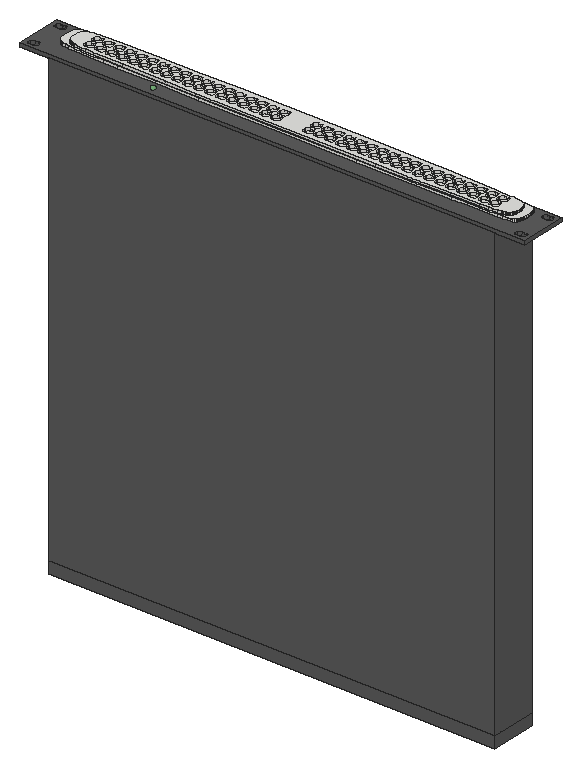
Revit family "Electronics_Messaging-Processors_Biamp_Vocia_MS-1e__", category Communication Devices, host Face, Revit 2020 (continued)
Forms (in)
  Extrusion 5, solid, material "Biamp - Metal - Black" <- "Housing Material"
    sketch origin (9.17118, -0.875, -17.38189) x (0, 1, 0) y (-1, 0, 0)
      loop
        line (0.86056, 1.36593) -> (0.86056, 1.85805) -> (0.65584, 1.85805) -> (0.65584, 1.36593) -> (0.86056, 1.36593)
      loop
        line (0.52593, 1.85805) -> (0.3212, 1.85805) -> (0.3212, 1.36593) -> (0.52593, 1.36593) -> (0.52593, 1.85805)
      loop
        line (0.52593, 2.11396) -> (0.52593, 2.60609) -> (0.3212, 2.60609) -> (0.3212, 2.11396) -> (0.52593, 2.11396)
      loop
        line (0.65584, 2.60609) -> (0.65584, 2.11396) -> (0.86056, 2.11396) -> (0.86056, 2.60609) -> (0.65584, 2.60609)
      loop
        arc (0.20388, 3.86064) -> (0.22136, 3.81116) -> (0.26605, 3.78366) r 0.07874
        line (0.26605, 3.78366) -> (0.47471, 3.73877)
        arc (0.47471, 3.73877) -> (0.54074, 3.75449) -> (0.57001, 3.81574) r 0.07873
        line (0.57001, 3.81574) -> (0.57001, 4.32949)
        arc (0.57001, 4.32949) -> (0.54074, 4.39074) -> (0.47471, 4.40647) r 0.07873
        line (0.47471, 4.40647) -> (0.26605, 4.36157)
        arc (0.26605, 4.36157) -> (0.21992, 4.33229) -> (0.20388, 4.28005) r 0.07889
        line (0.20388, 4.28005) -> (0.20388, 3.86064)
    from 0.41339 to 0
  Revolve 6, solid, material "Biamp - Plastic - Green", detail levels fine
    sketch origin (4.50885, -0.875, 0.11811) x (1, 0, 0) y (0, 1, 0)
      loop
        line (-0.0101, 0.3288) -> (-0.16758, 0.3288)
        arc (-0.16758, 0.3288) -> (-0.08884, 0.25006) -> (-0.0101, 0.3288) r 0.07874
      axis (-0.16758, 0.3288) -> (-0.0101, 0.3288)
    angle from 180 to 360
Lines and regions (in)
  Masking region 1
    outline origin (0, 0, 0) x (1, 0, 0) y (0, 0, 1)
      loop
        line (0.76784, -17.38189) -> (17.55918, -17.38189) -> (17.55918, 0) -> (18.67118, 0) -> (18.67118, 0.11811) -> (17.86415, 0.11811) -> (17.86415, 0.19685) -> (17.54739, 0.19685) -> (17.54739, 0.27559) -> (0.79497, 0.27559) -> (0.79497, 0.19685) -> (0.47508, 0.19685) -> (0.47508, 0.11811) -> (-0.32882, 0.11811) -> (-0.32882, 0) -> (0.76784, 0) -> (0.76784, -17.38189)
  symbolic lines
    curve 1: line (-0.32882, 0, 0) -> (18.67118, 0, 0)
    curve 2: line (18.67118, 0, 0.11811) -> (-0.32882, 0, 0.11811)
    curve 3: line (17.86415, 0, 0.19685) -> (0.47508, 0, 0.19685)
    curve 4: line (17.55918, 0, -16.9685) -> (0.76784, 0, -16.9685)
Dimensions and locks (in)
  aligned and locked: plane 2 to host face
  aligned and locked: level to host face
  aligned and locked: Extrusion 2 to Extrusion 1
Automatic sketch dimensions
  host sketch curve to host sketch curve = 96.00"  (x2)
  level to Extrusion 1 sketch curve = 0.00"
  Extrusion 1 sketch curve to level = 16.9685"
  Extrusion 2 sketch curve to Extrusion 2 sketch curve = 0.12953"  (x10)
  Extrusion 2 sketch curve to Extrusion 2 sketch curve = 0.00"  (x8)
  Extrusion 2 sketch curve to Extrusion 2 sketch curve = 0.13874"  (x4)
  plane 1 "Center (Front/Back)" to Extrusion 2 sketch curve = 0.875"
  Extrusion 2 sketch curve to Extrusion 2 sketch curve = 0.11877"  (x2)
  Extrusion 2 sketch curve to Extrusion 2 sketch curve = 0.0984"  (x4)
  Extrusion 2 sketch curve to Extrusion 2 sketch curve = 0.10364"  (x4)
  Extrusion 2 sketch curve to Extrusion 2 sketch curve = 0.00634"  (x4)
  Extrusion 2 sketch curve to Extrusion 2 sketch curve = 0.00296"  (x4)
  Extrusion 2 sketch curve to Extrusion 2 sketch curve = 0.0553"  (x4)
  Extrusion 2 sketch curve to Extrusion 2 sketch curve = 0.98698"  (x2)
  Extrusion 2 sketch curve to Extrusion 2 sketch curve = 0.22273"
  Extrusion 3 sketch curve to Extrusion 3 sketch curve = 0.00144"  (x2)
  Extrusion 3 sketch curve to Extrusion 3 sketch curve = 0.00724"  (x4)
  Extrusion 3 sketch curve to Extrusion 3 sketch curve = 0.00871"  (x2)
  Extrusion 3 sketch curve to Extrusion 3 sketch curve = 0.0116"  (x2)
  Extrusion 3 sketch curve to Extrusion 3 sketch curve = 0.01304"  (x2)
  Extrusion 3 sketch curve to Extrusion 3 sketch curve = 0.01738"  (x2)
  Extrusion 3 sketch curve to Extrusion 3 sketch curve = 0.02028"  (x2)
  Extrusion 3 sketch curve to Extrusion 3 sketch curve = 0.02462"  (x2)
  Extrusion 3 sketch curve to Extrusion 3 sketch curve = 0.02755"  (x2)
  Extrusion 3 sketch curve to Extrusion 3 sketch curve = 0.1507"  (x2)
  Extrusion 3 sketch curve to Extrusion 3 sketch curve = 0.21154"  (x2)
  Extrusion 3 sketch curve to Extrusion 3 sketch curve = 0.18473"
  Extrusion 3 sketch curve to Extrusion 3 sketch curve = 0.28256"
  Extrusion 3 sketch curve to Extrusion 3 sketch curve = 0.36514"  (x2)
  Extrusion 3 sketch curve to Extrusion 3 sketch curve = 0.46078"  (x2)
  Extrusion 3 sketch curve to Extrusion 3 sketch curve = 0.56798"  (x2)
  Extrusion 3 sketch curve to Extrusion 3 sketch curve = 1.40186"
  Extrusion 3 sketch curve to Extrusion 3 sketch curve = 0.00"  (x4)
  Extrusion 3 sketch curve to Extrusion 3 sketch curve = 1.65221"
  Extrusion 3 sketch curve to Extrusion 3 sketch curve = 0.41111"
  plane 3 "Center (Left/Right)" to Extrusion 3 sketch curve = 9.17033"  (x2)
  plane 3 "Center (Left/Right)" to Extrusion 3 sketch curve = 11.89151"
  Extrusion 3 sketch curve to Extrusion 3 sketch curve = 2.06334"
  Extrusion 3 sketch curve to Extrusion 3 sketch curve = 1.49968"
  Extrusion 3 sketch curve to Extrusion 3 sketch curve = 0.56801"  (x2)
  Extrusion 3 sketch curve to Extrusion 3 sketch curve = 0.46075"  (x2)
  Extrusion 3 sketch curve to Extrusion 3 sketch curve = 0.36515"  (x2)
  Extrusion 3 sketch curve to Extrusion 3 sketch curve = 0.28258"  (x2)
  Extrusion 3 sketch curve to Extrusion 3 sketch curve = 0.21153"  (x2)
  Extrusion 3 sketch curve to Extrusion 3 sketch curve = 0.03621"  (x2)
  Extrusion 3 sketch curve to Extrusion 3 sketch curve = 0.09418"  (x2)
  Extrusion 3 sketch curve to Extrusion 3 sketch curve = 0.02753"  (x2)
  Extrusion 3 sketch curve to Extrusion 3 sketch curve = 0.02463"  (x2)
  Extrusion 3 sketch curve to Extrusion 3 sketch curve = 0.02029"  (x2)
  Extrusion 3 sketch curve to Extrusion 3 sketch curve = 0.01739"  (x2)
  Extrusion 3 sketch curve to Extrusion 3 sketch curve = 0.01305"  (x2)
  Extrusion 3 sketch curve to Extrusion 3 sketch curve = 0.01158"  (x2)
  Extrusion 3 sketch curve to Extrusion 3 sketch curve = 0.00868"  (x2)
  Extrusion 3 sketch curve to Extrusion 3 sketch curve = 0.00727"  (x2)
  Extrusion 3 sketch curve to Extrusion 3 sketch curve = 0.00719"  (x2)
  Extrusion 3 sketch curve to Extrusion 3 sketch curve = 0.00146"
  plane 1 "Center (Front/Back)" to Extrusion 3 sketch curve = 0.27464"
  Extrusion 3 sketch curve to Extrusion 3 sketch curve = 0.00578"  (x2)
  Extrusion 3 sketch curve to Extrusion 3 sketch curve = 0.00865"  (x4)
  Extrusion 3 sketch curve to Extrusion 3 sketch curve = 0.00575"  (x2)
  Extrusion 3 sketch curve to Extrusion 3 sketch curve = 0.00722"  (x4)
  Extrusion 3 sketch curve to Extrusion 3 sketch curve = 0.00864"  (x2)
  Extrusion 3 sketch curve to Extrusion 3 sketch curve = 0.01009"  (x4)
  Extrusion 3 sketch curve to Extrusion 3 sketch curve = 0.01154"  (x2)
  Extrusion 3 sketch curve to Extrusion 3 sketch curve = 0.01298"  (x4)
  Extrusion 3 sketch curve to Extrusion 3 sketch curve = 0.0072"  (x2)
  Extrusion 3 sketch curve to Extrusion 3 sketch curve = 0.04325"  (x2)
  Extrusion 3 sketch curve to Extrusion 3 sketch curve = 0.02596"
  Extrusion 3 sketch curve to Extrusion 3 sketch curve = 0.03026"  (x2)
  Extrusion 3 sketch curve to Extrusion 3 sketch curve = 0.0303"  (x2)
  Extrusion 3 sketch curve to Extrusion 3 sketch curve = 0.03459"  (x4)
  Extrusion 3 sketch curve to Extrusion 3 sketch curve = 0.0346"  (x2)
  Extrusion 3 sketch curve to Extrusion 3 sketch curve = 0.03749"  (x6)
  Extrusion 3 sketch curve to Extrusion 3 sketch curve = 0.03893"  (x4)
  Extrusion 3 sketch curve to Extrusion 3 sketch curve = 0.08219"  (x2)
  Extrusion 3 sketch curve to Extrusion 3 sketch curve = 0.08363"  (x2)
  Extrusion 3 sketch curve to Extrusion 3 sketch curve = 0.08218"  (x4)
  Extrusion 3 sketch curve to Extrusion 3 sketch curve = 0.04036"  (x2)
  Extrusion 3 sketch curve to Extrusion 3 sketch curve = 0.01796"
  Extrusion 3 sketch curve to Extrusion 3 sketch curve = 0.01807"
  Extrusion 3 sketch curve to Extrusion 3 sketch curve = 0.03461"  (x2)
  Extrusion 3 sketch curve to Extrusion 3 sketch curve = 0.03027"  (x4)
  Extrusion 3 sketch curve to Extrusion 3 sketch curve = 0.02595"  (x2)
  Extrusion 3 sketch curve to Extrusion 3 sketch curve = 0.01442"  (x2)
  Extrusion 3 sketch curve to Extrusion 3 sketch curve = 0.01152"  (x2)
  Extrusion 3 sketch curve to Extrusion 3 sketch curve = 0.01156"  (x2)
  Extrusion 3 sketch curve to Extrusion 3 sketch curve = 0.00576"  (x2)
  Extrusion 3 sketch curve to Extrusion 3 sketch curve = 1.12891"  (x2)
  Extrusion 3 sketch curve to Extrusion 3 sketch curve = 1.1419"
  plane 3 "Center (Left/Right)" to Extrusion 4 sketch curve = 9.17118"  (x2)
  plane 3 "Center (Left/Right)" to Extrusion 4 sketch curve = 8.73343"
  Extrusion 4 sketch curve to Extrusion 4 sketch curve = 0.00022"  (x2)
  Extrusion 4 sketch curve to Extrusion 4 sketch curve = 0.13386"  (x116)
  Extrusion 4 sketch curve to Extrusion 4 sketch curve = 0.00"  (x89)
  Extrusion 4 sketch curve to Extrusion 4 sketch curve = 0.09312"
  Extrusion 4 sketch curve to Extrusion 4 sketch curve = 0.09335"  (x2)
  Extrusion 4 sketch curve to Extrusion 4 sketch curve = 0.04533"
  Extrusion 4 sketch curve to Extrusion 4 sketch curve = 0.05533"  (x2)
  Extrusion 4 sketch curve to Extrusion 4 sketch curve = 0.00935"
  Extrusion 4 sketch curve to Extrusion 4 sketch curve = 0.00065"
  Extrusion 4 sketch curve to Extrusion 4 sketch curve = 0.09388"
  Extrusion 4 sketch curve to Extrusion 4 sketch curve = 0.09452"
  Extrusion 4 sketch curve to Extrusion 4 sketch curve = 0.05148"
  Extrusion 4 sketch curve to Extrusion 4 sketch curve = 0.05081"
  Extrusion 4 sketch curve to Extrusion 4 sketch curve = 0.00078"
  Extrusion 4 sketch curve to Extrusion 4 sketch curve = 0.09269"
  Extrusion 4 sketch curve to Extrusion 4 sketch curve = 0.09347"
  Extrusion 4 sketch curve to Extrusion 4 sketch curve = 0.01"
  Extrusion 4 sketch curve to Extrusion 4 sketch curve = 0.05421"
  Extrusion 4 sketch curve to Extrusion 4 sketch curve = 0.13326"  (x2)
  Extrusion 4 sketch curve to Extrusion 4 sketch curve = 0.00004"
  Extrusion 4 sketch curve to Extrusion 4 sketch curve = 0.00943"
  Extrusion 4 sketch curve to Extrusion 4 sketch curve = 0.09172"
  Extrusion 4 sketch curve to Extrusion 4 sketch curve = 0.09316"
  Extrusion 4 sketch curve to Extrusion 4 sketch curve = 0.09343"
  Extrusion 4 sketch curve to Extrusion 4 sketch curve = 0.01115"  (x2)
  Extrusion 4 sketch curve to Extrusion 4 sketch curve = 0.13578"
  Extrusion 4 sketch curve to Extrusion 4 sketch curve = 0.05177"  (x2)
  Extrusion 4 sketch curve to Extrusion 4 sketch curve = 0.1331"
  Extrusion 4 sketch curve to Extrusion 4 sketch curve = 0.00114"
  Extrusion 4 sketch curve to Extrusion 4 sketch curve = 0.01003"
  Extrusion 4 sketch curve to Extrusion 4 sketch curve = 0.09252"
  Extrusion 4 sketch curve to Extrusion 4 sketch curve = 0.0937"
  Extrusion 4 sketch curve to Extrusion 4 sketch curve = 0.00967"
  Extrusion 4 sketch curve to Extrusion 4 sketch curve = 0.09333"  (x34)
  Extrusion 4 sketch curve to Extrusion 4 sketch curve = 0.13431"
  Extrusion 4 sketch curve to Extrusion 4 sketch curve = 0.0511"
  Extrusion 4 sketch curve to Extrusion 4 sketch curve = 0.04803"
  Extrusion 4 sketch curve to Extrusion 4 sketch curve = 0.2779"
  Extrusion 4 sketch curve to Extrusion 4 sketch curve = 0.1339"  (x28)
  Extrusion 4 sketch curve to Extrusion 4 sketch curve = 0.00615"  (x15)
  Extrusion 4 sketch curve to Extrusion 4 sketch curve = 0.05205"  (x2)
  Extrusion 4 sketch curve to Extrusion 4 sketch curve = 0.05496"  (x2)
  Extrusion 4 sketch curve to Extrusion 4 sketch curve = 0.25508"
  Extrusion 4 sketch curve to Extrusion 4 sketch curve = 0.05172"  (x2)
  Extrusion 4 sketch curve to Extrusion 4 sketch curve = 0.04884"  (x2)
  Extrusion 4 sketch curve to Extrusion 4 sketch curve = 0.01294"
  Extrusion 4 sketch curve to Extrusion 4 sketch curve = 0.0515"  (x2)
  Extrusion 4 sketch curve to Extrusion 4 sketch curve = 0.19734"
  Extrusion 4 sketch curve to Extrusion 4 sketch curve = 0.04387"
  Extrusion 4 sketch curve to Extrusion 4 sketch curve = 0.05487"  (x3)
  Extrusion 4 sketch curve to Extrusion 4 sketch curve = 0.23995"  (x2)
  Extrusion 4 sketch curve to Extrusion 4 sketch curve = 0.05197"  (x2)
  Extrusion 4 sketch curve to Extrusion 4 sketch curve = 0.23583"
  Extrusion 4 sketch curve to Extrusion 4 sketch curve = 0.08929"
  Extrusion 4 sketch curve to Extrusion 4 sketch curve = 0.04872"
  Extrusion 4 sketch curve to Extrusion 4 sketch curve = 0.05179"
  Extrusion 4 sketch curve to Extrusion 4 sketch curve = 0.00923"  (x8)
  Extrusion 4 sketch curve to Extrusion 4 sketch curve = 0.14725"
  Extrusion 4 sketch curve to Extrusion 4 sketch curve = 0.05155"  (x2)
  Extrusion 4 sketch curve to Extrusion 4 sketch curve = 0.05527"  (x2)
  Extrusion 4 sketch curve to Extrusion 4 sketch curve = 0.05215"  (x2)
  Extrusion 4 sketch curve to Extrusion 4 sketch curve = 0.2366"
  Extrusion 4 sketch curve to Extrusion 4 sketch curve = 0.08331"
  Extrusion 4 sketch curve to Extrusion 4 sketch curve = 0.08862"
  Extrusion 4 sketch curve to Extrusion 4 sketch curve = 0.05515"
  Extrusion 4 sketch curve to Extrusion 4 sketch curve = 0.04593"
  Extrusion 4 sketch curve to Extrusion 4 sketch curve = 0.12594"
  Extrusion 4 sketch curve to Extrusion 4 sketch curve = 0.00795"
  Extrusion 4 sketch curve to Extrusion 4 sketch curve = 0.0195"
  Extrusion 4 sketch curve to Extrusion 4 sketch curve = 0.03703"
  Extrusion 4 sketch curve to Extrusion 4 sketch curve = 0.10163"
  Extrusion 4 sketch curve to Extrusion 4 sketch curve = 0.18991"  (x2)
  Extrusion 4 sketch curve to Extrusion 4 sketch curve = 0.13108"  (x2)
  Extrusion 4 sketch curve to Extrusion 4 sketch curve = 0.07294"  (x2)
  Extrusion 4 sketch curve to Extrusion 4 sketch curve = 0.11351"  (x2)
  Extrusion 4 sketch curve to Extrusion 4 sketch curve = 0.06319"  (x2)
  Extrusion 4 sketch curve to Extrusion 4 sketch curve = 0.04573"  (x2)
  Extrusion 4 sketch curve to Extrusion 4 sketch curve = 0.03598"  (x2)
  Extrusion 4 sketch curve to Extrusion 4 sketch curve = 0.04401"  (x2)
  Extrusion 4 sketch curve to Extrusion 4 sketch curve = 0.0597"  (x2)
  Extrusion 4 sketch curve to Extrusion 4 sketch curve = 0.03706"  (x2)
  Extrusion 4 sketch curve to Extrusion 4 sketch curve = 0.0375"  (x2)
  Extrusion 4 sketch curve to Extrusion 4 sketch curve = 0.0431"  (x2)
  Extrusion 4 sketch curve to Extrusion 4 sketch curve = 0.0359"  (x2)
  Extrusion 4 sketch curve to Extrusion 4 sketch curve = 0.03764"  (x2)
  Extrusion 4 sketch curve to Extrusion 4 sketch curve = 0.02844"  (x2)
  Extrusion 4 sketch curve to Extrusion 4 sketch curve = 0.03026"  (x2)
  Extrusion 4 sketch curve to Extrusion 4 sketch curve = 0.02409"  (x2)
  Extrusion 4 sketch curve to Extrusion 4 sketch curve = 0.02633"  (x2)
  Extrusion 4 sketch curve to Extrusion 4 sketch curve = 0.02155"  (x2)
  Extrusion 4 sketch curve to Extrusion 4 sketch curve = 0.02134"  (x2)
  Extrusion 4 sketch curve to Extrusion 4 sketch curve = 0.01688"  (x2)
  Extrusion 4 sketch curve to Extrusion 4 sketch curve = 0.01707"  (x2)
  Extrusion 4 sketch curve to Extrusion 4 sketch curve = 0.01442"  (x2)
  Extrusion 4 sketch curve to Extrusion 4 sketch curve = 0.01201"  (x2)
  Extrusion 4 sketch curve to Extrusion 4 sketch curve = 0.01477"  (x2)
  Extrusion 4 sketch curve to Extrusion 4 sketch curve = 0.00937"  (x2)
  Extrusion 4 sketch curve to Extrusion 4 sketch curve = 0.00689"  (x2)
  Extrusion 4 sketch curve to Extrusion 4 sketch curve = 0.00767"  (x2)
  plane 3 "Center (Left/Right)" to Extrusion 4 sketch curve = 9.59406"
  Extrusion 4 sketch curve to Extrusion 4 sketch curve = 0.0445"
  Extrusion 4 sketch curve to Extrusion 4 sketch curve = 0.05372"
  Extrusion 4 sketch curve to Extrusion 4 sketch curve = 0.09369"  (x11)
  Extrusion 4 sketch curve to Extrusion 4 sketch curve = 0.05169"  (x7)
  Extrusion 4 sketch curve to Extrusion 4 sketch curve = 0.09357"  (x9)
  Extrusion 4 sketch curve to Extrusion 4 sketch curve = 0.0928"  (x2)
  Extrusion 4 sketch curve to Extrusion 4 sketch curve = 0.0096"
  Extrusion 4 sketch curve to Extrusion 4 sketch curve = 0.05564"  (x5)
  Extrusion 4 sketch curve to Extrusion 4 sketch curve = 0.05641"  (x2)
  Extrusion 4 sketch curve to Extrusion 4 sketch curve = 0.0923"  (x6)
  Extrusion 4 sketch curve to Extrusion 4 sketch curve = 0.09268"  (x4)
  Extrusion 4 sketch curve to Extrusion 4 sketch curve = 0.00961"
  Extrusion 4 sketch curve to Extrusion 4 sketch curve = 0.05282"  (x4)
  Extrusion 4 sketch curve to Extrusion 4 sketch curve = 0.05167"  (x3)
  Extrusion 4 sketch curve to Extrusion 4 sketch curve = 0.00846"
  Extrusion 4 sketch curve to Extrusion 4 sketch curve = 0.0908"
  Extrusion 4 sketch curve to Extrusion 4 sketch curve = 0.09204"  (x5)
  Extrusion 4 sketch curve to Extrusion 4 sketch curve = 0.09319"  (x5)
  Extrusion 4 sketch curve to Extrusion 4 sketch curve = 0.00159"
  Extrusion 4 sketch curve to Extrusion 4 sketch curve = 0.1351"
  Extrusion 4 sketch curve to Extrusion 4 sketch curve = 0.13227"
  Extrusion 4 sketch curve to Extrusion 4 sketch curve = 0.05189"
  Extrusion 4 sketch curve to Extrusion 4 sketch curve = 0.04843"
  Extrusion 4 sketch curve to Extrusion 4 sketch curve = 0.11769"
  Extrusion 4 sketch curve to Extrusion 4 sketch curve = 0.26431"
  Extrusion 4 sketch curve to Extrusion 4 sketch curve = 0.00654"  (x3)
  Extrusion 4 sketch curve to Extrusion 4 sketch curve = 0.00538"  (x3)
  Extrusion 4 sketch curve to Extrusion 4 sketch curve = 0.04927"
  Extrusion 4 sketch curve to Extrusion 4 sketch curve = 0.04888"
  Extrusion 4 sketch curve to Extrusion 4 sketch curve = 0.03471"
  Extrusion 4 sketch curve to Extrusion 4 sketch curve = 0.20645"
  Extrusion 4 sketch curve to Extrusion 4 sketch curve = 0.06514"
  Extrusion 4 sketch curve to Extrusion 4 sketch curve = 0.25718"
  Extrusion 4 sketch curve to Extrusion 4 sketch curve = 0.11112"
  Extrusion 4 sketch curve to Extrusion 4 sketch curve = 0.04662"
  Extrusion 4 sketch curve to Extrusion 4 sketch curve = 0.04931"
  Extrusion 4 sketch curve to Extrusion 4 sketch curve = 0.1061"
  Extrusion 4 sketch curve to Extrusion 4 sketch curve = 0.14308"
  Extrusion 4 sketch curve to Extrusion 4 sketch curve = 0.05323"
  Extrusion 4 sketch curve to Extrusion 4 sketch curve = 0.01077"  (x2)
  Extrusion 4 sketch curve to Extrusion 4 sketch curve = 0.01153"
  Extrusion 4 sketch curve to Extrusion 4 sketch curve = 0.09434"
  Extrusion 4 sketch curve to Extrusion 4 sketch curve = 0.05243"
  Extrusion 4 sketch curve to Extrusion 4 sketch curve = 0.07699"
  Extrusion 4 sketch curve to Extrusion 4 sketch curve = 0.05687"
  Extrusion 4 sketch curve to Extrusion 4 sketch curve = 0.01269"
  Extrusion 4 sketch curve to Extrusion 4 sketch curve = 0.00111"
  Extrusion 4 sketch curve to Extrusion 4 sketch curve = 0.04502"
  Extrusion 4 sketch curve to Extrusion 4 sketch curve = 0.05771"
  Extrusion 4 sketch curve to Extrusion 4 sketch curve = 0.00803"
  Extrusion 4 sketch curve to Extrusion 4 sketch curve = 0.03549"
  Extrusion 4 sketch curve to Extrusion 4 sketch curve = 0.09358"
  Extrusion 4 sketch curve to Extrusion 4 sketch curve = 0.05316"
  Extrusion 4 sketch curve to Extrusion 4 sketch curve = 0.11738"
  plane 1 "Center (Front/Back)" to Extrusion 4 sketch curve = 0.22893"
  Extrusion 4 sketch curve to Extrusion 4 sketch curve = 0.0116"  (x2)
  Extrusion 4 sketch curve to Extrusion 4 sketch curve = 0.01573"  (x2)
  Extrusion 4 sketch curve to Extrusion 4 sketch curve = 0.02523"  (x2)
  Extrusion 4 sketch curve to Extrusion 4 sketch curve = 0.01036"  (x2)
  Extrusion 4 sketch curve to Extrusion 4 sketch curve = 0.00618"  (x2)
  Extrusion 4 sketch curve to Extrusion 4 sketch curve = 0.01661"  (x2)
  Extrusion 4 sketch curve to Extrusion 4 sketch curve = 0.01595"  (x2)
  Extrusion 4 sketch curve to Extrusion 4 sketch curve = 0.00889"  (x2)
  Extrusion 4 sketch curve to Extrusion 4 sketch curve = 0.01016"  (x2)
  Extrusion 4 sketch curve to Extrusion 4 sketch curve = 0.01063"  (x2)
  Extrusion 4 sketch curve to Extrusion 4 sketch curve = 0.0144"  (x2)
  Extrusion 4 sketch curve to Extrusion 4 sketch curve = 0.01674"  (x2)
  Extrusion 4 sketch curve to Extrusion 4 sketch curve = 0.16258"  (x2)
  Extrusion 4 sketch curve to Extrusion 4 sketch curve = 0.17418"  (x2)
  Extrusion 4 sketch curve to Extrusion 4 sketch curve = 0.14685"  (x3)
  Extrusion 4 sketch curve to Extrusion 4 sketch curve = 0.12162"  (x2)
  Extrusion 4 sketch curve to Extrusion 4 sketch curve = 0.10508"  (x2)
  Extrusion 4 sketch curve to Extrusion 4 sketch curve = 0.13321"  (x2)
  Extrusion 4 sketch curve to Extrusion 4 sketch curve = 0.01847"  (x2)
  Extrusion 4 sketch curve to Extrusion 4 sketch curve = 0.02021"  (x2)
  Extrusion 4 sketch curve to Extrusion 4 sketch curve = 0.02479"  (x2)
  Extrusion 4 sketch curve to Extrusion 4 sketch curve = 0.02723"  (x2)
  Extrusion 4 sketch curve to Extrusion 4 sketch curve = 0.03092"  (x2)
  Extrusion 4 sketch curve to Extrusion 4 sketch curve = 0.04058"  (x2)
  Extrusion 4 sketch curve to Extrusion 4 sketch curve = 0.04327"
  Extrusion 4 sketch curve to Extrusion 4 sketch curve = 0.04557"
  Extrusion 4 sketch curve to Extrusion 4 sketch curve = 0.04642"  (x29)
  Extrusion 4 sketch curve to Extrusion 4 sketch curve = 0.04649"  (x37)
  Extrusion 4 sketch curve to Extrusion 4 sketch curve = 0.04547"
  Extrusion 4 sketch curve to Extrusion 4 sketch curve = 0.03066"  (x2)
  Extrusion 4 sketch curve to Extrusion 4 sketch curve = 0.04634"  (x2)
  Extrusion 4 sketch curve to Extrusion 4 sketch curve = 0.03321"  (x2)
  Extrusion 4 sketch curve to Extrusion 4 sketch curve = 0.05308"  (x2)
  Extrusion 4 sketch curve to Extrusion 4 sketch curve = 0.08363"  (x2)
  Extrusion 4 sketch curve to Extrusion 4 sketch curve = 0.06047"  (x2)
  Extrusion 4 sketch curve to Extrusion 4 sketch curve = 0.06134"  (x33)
  Extrusion 4 sketch curve to Extrusion 4 sketch curve = 0.0611"
  Extrusion 4 sketch curve to Extrusion 4 sketch curve = 0.03302"  (x2)
  Extrusion 4 sketch curve to Extrusion 4 sketch curve = 0.05432"  (x2)
  Extrusion 4 sketch curve to Extrusion 4 sketch curve = 0.04567"  (x2)
  Extrusion 4 sketch curve to Extrusion 4 sketch curve = 0.03413"  (x2)
  Extrusion 4 sketch curve to Extrusion 4 sketch curve = 0.04714"
  Extrusion 4 sketch curve to Extrusion 4 sketch curve = 0.07009"  (x2)
  Extrusion 4 sketch curve to Extrusion 4 sketch curve = 0.03232"  (x2)
  Extrusion 4 sketch curve to Extrusion 4 sketch curve = 0.02956"  (x2)
  Extrusion 4 sketch curve to Extrusion 4 sketch curve = 0.02624"  (x2)
  Extrusion 4 sketch curve to Extrusion 4 sketch curve = 0.0248"  (x2)
  Extrusion 4 sketch curve to Extrusion 4 sketch curve = 0.02041"  (x2)
  Extrusion 4 sketch curve to Extrusion 4 sketch curve = 0.01918"  (x2)
  Extrusion 4 sketch curve to Extrusion 4 sketch curve = 0.01741"  (x2)
  Extrusion 4 sketch curve to Extrusion 4 sketch curve = 0.01712"  (x2)
  Extrusion 4 sketch curve to Extrusion 4 sketch curve = 0.00714"  (x2)
  Extrusion 4 sketch curve to Extrusion 4 sketch curve = 0.0106"  (x2)
  Extrusion 4 sketch curve to Extrusion 4 sketch curve = 0.00896"  (x2)
  Extrusion 4 sketch curve to Extrusion 4 sketch curve = 0.00982"  (x2)
  Extrusion 4 sketch curve to Extrusion 4 sketch curve = 0.12723"  (x2)
  Extrusion 4 sketch curve to Extrusion 4 sketch curve = 0.14181"  (x2)
  Extrusion 4 sketch curve to Extrusion 4 sketch curve = 0.17236"  (x2)
  Extrusion 4 sketch curve to Extrusion 4 sketch curve = 0.17643"  (x2)
  Extrusion 4 sketch curve to Extrusion 4 sketch curve = 0.18174"  (x2)
  Extrusion 4 sketch curve to Extrusion 4 sketch curve = 0.18417"  (x2)
  Extrusion 4 sketch curve to Extrusion 4 sketch curve = 0.18629"  (x2)
  Extrusion 4 sketch curve to Extrusion 4 sketch curve = 0.32829"
  plane 1 "Center (Front/Back)" to Extrusion 5 sketch curve = 0.875"
  Extrusion 5 sketch curve to Extrusion 5 sketch curve = 0.20388"
  Extrusion 5 sketch curve to Extrusion 5 sketch curve = 0.24522"
  plane 3 "Center (Left/Right)" to Extrusion 5 sketch curve = 5.38751"
  Extrusion 5 sketch curve to Extrusion 5 sketch curve = 0.06217"  (x2)
  Extrusion 5 sketch curve to Extrusion 5 sketch curve = 0.07874"
  Extrusion 5 sketch curve to Extrusion 5 sketch curve = 0.07877"
  plane 3 "Center (Left/Right)" to Extrusion 5 sketch curve = 8.76292"
  Extrusion 5 sketch curve to Extrusion 5 sketch curve = 0.03624"
  Extrusion 5 sketch curve to Extrusion 5 sketch curve = 0.01891"
  Extrusion 5 sketch curve to Extrusion 5 sketch curve = 0.00"  (x10)
  Extrusion 5 sketch curve to Extrusion 5 sketch curve = 0.09755"
  Extrusion 5 sketch curve to Extrusion 5 sketch curve = 0.07482"
  plane 3 "Center (Left/Right)" to Extrusion 5 sketch curve = 8.29344"  (x2)
  Extrusion 5 sketch curve to Extrusion 5 sketch curve = 0.09281"  (x2)
  plane 3 "Center (Left/Right)" to Extrusion 5 sketch curve = 8.84462"  (x2)
  plane 3 "Center (Left/Right)" to Extrusion 5 sketch curve = 12.88306"
  Extrusion 5 sketch curve to Extrusion 5 sketch curve = 0.08588"  (x2)
  plane 3 "Center (Left/Right)" to Extrusion 5 sketch curve = 12.21958"
  Extrusion 5 sketch curve to Extrusion 5 sketch curve = 0.01805"  (x3)
  Extrusion 5 sketch curve to Extrusion 5 sketch curve = 0.10393"
  plane 3 "Center (Left/Right)" to Extrusion 5 sketch curve = 5.43241"
  Extrusion 5 sketch curve to Extrusion 5 sketch curve = 0.20866"  (x2)
  Extrusion 5 sketch curve to Extrusion 5 sketch curve = 0.08633"
  Extrusion 5 sketch curve to Extrusion 5 sketch curve = 0.01656"  (x2)
  Extrusion 5 sketch curve to Extrusion 5 sketch curve = 0.20473"  (x4)
  plane 3 "Center (Left/Right)" to Extrusion 5 sketch curve = 12.90461"
  Extrusion 5 sketch curve to Extrusion 5 sketch curve = 0.12223"  (x2)
  plane 3 "Center (Left/Right)" to Extrusion 5 sketch curve = 12.19803"
  Extrusion 5 sketch curve to Extrusion 5 sketch curve = 0.07873"
  Extrusion 5 sketch curve to Extrusion 5 sketch curve = 0.12991"  (x2)
  Extrusion 5 sketch curve to Extrusion 5 sketch curve = 0.10394"
  Extrusion 5 sketch curve to Extrusion 5 sketch curve = 0.38387"
  Extrusion 5 sketch curve to Extrusion 5 sketch curve = 0.29329"
  Extrusion 5 sketch curve to Extrusion 5 sketch curve = 0.09527"
  Extrusion 5 sketch curve to Extrusion 5 sketch curve = 0.09529"
  Extrusion 5 sketch curve to Extrusion 5 sketch curve = 0.08386"
  Extrusion 5 sketch curve to Extrusion 5 sketch curve = 1.20076"
  Extrusion 5 sketch curve to Extrusion 5 sketch curve = 0.30402"
  Extrusion 5 sketch curve to Extrusion 5 sketch curve = 0.94489"
  Extrusion 5 sketch curve to Extrusion 5 sketch curve = 0.52812"
  Extrusion 5 sketch curve to Extrusion 5 sketch curve = 0.47047"  (x3)
  Extrusion 5 sketch curve to Extrusion 5 sketch curve = 0.07952"  (x2)
  Extrusion 5 sketch curve to Extrusion 5 sketch curve = 0.27874"
  plane 3 "Center (Left/Right)" to Extrusion 5 sketch curve = 9.37179"
  Extrusion 5 sketch curve to Extrusion 5 sketch curve = 0.08189"
  Extrusion 5 sketch curve to Extrusion 5 sketch curve = 0.08187"
  Extrusion 5 sketch curve to Extrusion 5 sketch curve = 0.0817"
  Extrusion 5 sketch curve to Extrusion 5 sketch curve = 0.4882"
  Extrusion 5 sketch curve to Extrusion 5 sketch curve = 0.49212"
  Extrusion 5 sketch curve to Extrusion 5 sketch curve = 0.25591"  (x2)
  Extrusion 5 sketch curve to Extrusion 5 sketch curve = 0.49213"
  Extrusion 5 sketch curve to Extrusion 5 sketch curve = 0.08152"
  plane 3 "Center (Left/Right)" to Extrusion 1 sketch curve = 0.76784"
  plane 3 "Center (Left/Right)" to Extrusion 2 sketch curve = 0.1989"
  Extrusion 2 sketch curve to Extrusion 2 sketch curve = 0.12992"
  Extrusion 3 sketch curve to Extrusion 3 sketch curve = 2.82044"
  Extrusion 3 sketch curve to Extrusion 3 sketch curve = 0.09783"
  Extrusion 3 sketch curve to Extrusion 3 sketch curve = 0.0943"
  Extrusion 3 sketch curve to Extrusion 3 sketch curve = 0.10143"  (x4)
  Extrusion 3 sketch curve to Extrusion 3 sketch curve = 0.01913"
  Extrusion 3 sketch curve to Extrusion 3 sketch curve = 0.03622"  (x2)
  Extrusion 3 sketch curve to plane 1 "Center (Front/Back)" = 0.73172"
  Extrusion 4 sketch curve to Extrusion 4 sketch curve = 0.03159"
  Extrusion 4 sketch curve to Extrusion 4 sketch curve = 0.00936"  (x2)
  Extrusion 4 sketch curve to Extrusion 4 sketch curve = 0.00479"
  Extrusion 4 sketch curve to Extrusion 4 sketch curve = 0.00723"  (x2)
  Extrusion 5 sketch curve to Extrusion 5 sketch curve = 0.41941"
  Extrusion 5 sketch curve to Extrusion 5 sketch curve = 0.04505"
  Extrusion 5 sketch curve to Extrusion 5 sketch curve = 3.99687"
  plane 3 "Center (Left/Right)" to Extrusion 1 sketch curve = 17.55918"
  plane 3 "Center (Left/Right)" to Extrusion 2 sketch curve = 18.14632"
  Extrusion 2 sketch curve to Extrusion 2 sketch curve = 0.12705"
  Extrusion 3 sketch curve to Extrusion 3 sketch curve = 0.15069"  (x2)
  Extrusion 3 sketch curve to Extrusion 3 sketch curve = 0.09427"
  Extrusion 3 sketch curve to Extrusion 3 sketch curve = 0.11118"
  Extrusion 4 sketch curve to Extrusion 4 sketch curve = 0.01748"
  Extrusion 4 sketch curve to Extrusion 4 sketch curve = 0.00144"
  Extrusion 5 sketch curve to Extrusion 5 sketch curve = 2.44984"
  Extrusion 5 sketch curve to Extrusion 5 sketch curve = 1.25985"
  Masking region 1 sketch curve to level = 0.00"  (x2)
  level to Masking region 1 sketch curve = 0.11811"  (x2)
  Masking region 1 sketch curve to plane 3 "Center (Left/Right)" = 0.32882"
  level to Masking region 1 sketch curve = 0.19685"
  plane 3 "Center (Left/Right)" to Masking region 1 sketch curve = 0.47508"
  Masking region 1 sketch curve to Masking region 1 sketch curve = 0.29276"
  Masking region 1 sketch curve to Masking region 1 sketch curve = 0.02712"
  level to Masking region 1 sketch curve = 0.27559"
  plane 4 to Masking region 1 sketch curve = 0.79783"
  Masking region 1 sketch curve to Masking region 1 sketch curve = 0.0118"
  Masking region 1 sketch curve to Masking region 1 sketch curve = 0.31676"
  Masking region 1 sketch curve to plane 4 = 0.32596"
  Masking region 1 sketch curve to Masking region 1 sketch curve = 0.07874"
  Masking region 1 sketch curve to level = 17.38189"
  Extrusion 2 to Revolve 6 sketch curve = 0.05255"  (x2)
  Revolve 6 sketch curve to Extrusion 2 = 4.14237"
  Revolve 6 sketch curve to Revolve 6 sketch curve = 0.07874"
  Revolve 6 sketch curve to Revolve 6 sketch curve = 0.00"
  Revolve 6 sketch curve to Revolve 6 sketch curve = 0.28055"
Connectors (in)
  electrical at (15.82689, -0.0294, -16.9685), driven by "Number of Poles", driven by "Voltage", driven by "Apparent Load", driven by "Power Factor", driven by "Connector Description"
    settings: on Extrusion 5, index 1, voltage 120 V, apparent load 0 VA, apparent load phase1 300 VA, apparent load phase2 0 VA, apparent load phase3 0 VA, power factor 1, load classification "Other", number of poles 1, system type 31, power factor state 1, is connector primary yes, connector utility no, sub classification motor no, connector description "100-240VAC 50/60Hz"
  electrical at (12.55132, -0.37621, -16.9685)
    settings: on Extrusion 5, index 2, voltage 0 V, apparent load 0 VA, apparent load phase1 0 VA, apparent load phase2 0 VA, apparent load phase3 0 VA, power factor 1, load classification "Other", number of poles 1, system type 5, power factor state 1, is connector primary no, connector utility no, sub classification motor no, connector description "RS232/485"
  electrical at (11.45622, -0.30596, -16.9685)
    settings: on Extrusion 5, index 3, voltage 0 V, apparent load 0 VA, apparent load phase1 0 VA, apparent load phase2 0 VA, apparent load phase3 0 VA, power factor 1, load classification "Other", number of poles 1, system type 5, power factor state 1, is connector primary no, connector utility no, sub classification motor no, connector description "RJ-45; LAN1 Control"
  electrical at (10.90623, -0.30596, -16.9685)
    settings: on Extrusion 5, index 4, voltage 0 V, apparent load 0 VA, apparent load phase1 0 VA, apparent load phase2 0 VA, apparent load phase3 0 VA, power factor 1, load classification "Other", number of poles 1, system type 5, power factor state 1, is connector primary no, connector utility no, sub classification motor no, connector description "RJ-45; LAN2 CobraNet"
  electrical at (10.15702, -0.30596, -16.9685)
    settings: on Extrusion 5, index 5, voltage 0 V, apparent load 0 VA, apparent load phase1 0 VA, apparent load phase2 0 VA, apparent load phase3 0 VA, power factor 1, load classification "Other", number of poles 1, system type 5, power factor state 1, is connector primary no, connector utility no, sub classification motor no, connector description "RJ-45; LAN3 VoIP"
  electrical at (9.60702, -0.30596, -16.9685)
    settings: on Extrusion 5, index 6, voltage 0 V, apparent load 0 VA, apparent load phase1 0 VA, apparent load phase2 0 VA, apparent load phase3 0 VA, power factor 1, load classification "Other", number of poles 1, system type 5, power factor state 1, is connector primary no, connector utility no, sub classification motor no, connector description "RJ-45; LAN4 Interworld"
  electrical at (8.56903, -0.48206, -16.9685)
    settings: on Extrusion 5, index 7, voltage 0 V, apparent load 0 VA, apparent load phase1 0 VA, apparent load phase2 0 VA, apparent load phase3 0 VA, power factor 1, load classification "Other", number of poles 1, system type 5, power factor state 1, is connector primary no, connector utility no, sub classification motor no, connector description "HDMI"
  electrical at (8.56903, -0.00879, -16.9685)
    settings: on Extrusion 5, index 8, voltage 0 V, apparent load 0 VA, apparent load phase1 0 VA, apparent load phase2 0 VA, apparent load phase3 0 VA, power factor 1, load classification "Other", number of poles 1, system type 5, power factor state 1, is connector primary no, connector utility no, sub classification motor no, connector description "HDMI"
  electrical at (7.55918, -0.45144, -16.9685)
    settings: on Extrusion 5, index 9, voltage 0 V, apparent load 0 VA, apparent load phase1 0 VA, apparent load phase2 0 VA, apparent load phase3 0 VA, power factor 1, load classification "Other", number of poles 1, system type 5, power factor state 1, is connector primary no, connector utility no, sub classification motor no, connector description "USB"
  electrical at (7.55918, -0.1168, -16.9685)
    settings: on Extrusion 5, index 10, voltage 0 V, apparent load 0 VA, apparent load phase1 0 VA, apparent load phase2 0 VA, apparent load phase3 0 VA, power factor 1, load classification "Other", number of poles 1, system type 5, power factor state 1, is connector primary no, connector utility no, sub classification motor no, connector description "USB"
  electrical at (6.81115, -0.1168, -16.9685)
    settings: on Extrusion 5, index 11, voltage 0 V, apparent load 0 VA, apparent load phase1 0 VA, apparent load phase2 0 VA, apparent load phase3 0 VA, power factor 1, load classification "Other", number of poles 1, system type 5, power factor state 1, is connector primary no, connector utility no, sub classification motor no, connector description "USB"
  electrical at (6.81115, -0.45144, -16.9685)
    settings: on Extrusion 5, index 12, voltage 0 V, apparent load 0 VA, apparent load phase1 0 VA, apparent load phase2 0 VA, apparent load phase3 0 VA, power factor 1, load classification "Other", number of poles 1, system type 5, power factor state 1, is connector primary no, connector utility no, sub classification motor no, connector description "USB"
  electrical at (5.09913, -0.49634, -16.9685)
    settings: on Extrusion 5, index 13, voltage 0 V, apparent load 0 VA, apparent load phase1 0 VA, apparent load phase2 0 VA, apparent load phase3 0 VA, power factor 1, load classification "Other", number of poles 1, system type 5, power factor state 1, is connector primary no, connector utility no, sub classification motor no, connector description "VGA"
